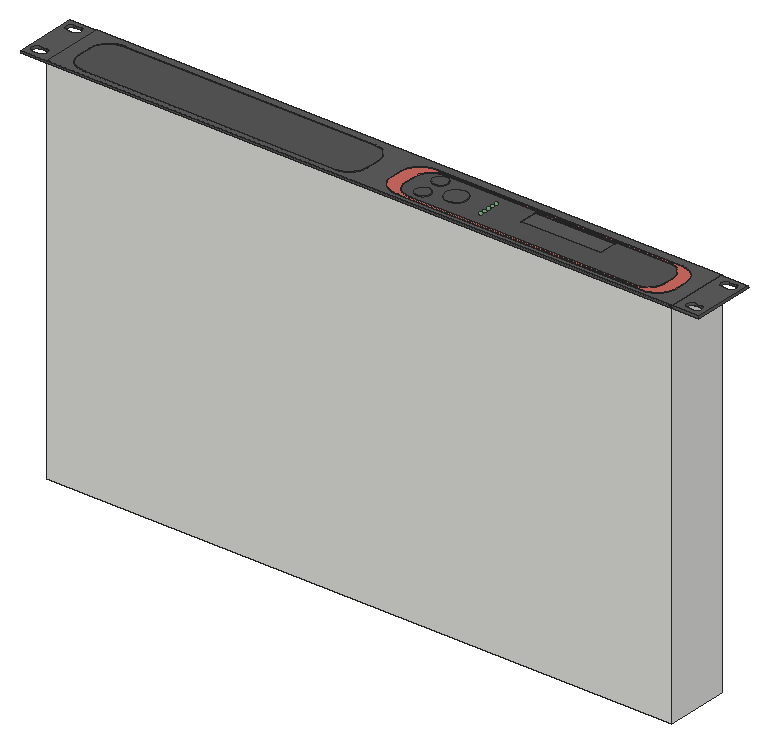
Revit family "Electronics_Fixed-Audio-DSP_Biamp_Tesira_TesiraFORTE_DAN-VT4__", category Communication Devices, host Face, Revit 2020
Family settings
  Host = Face
  Maintain Annotation Orientation = No
  Round Connector Dimension = Use Diameter
  Part Type = Normal
  OmniClass Number = 23.85.10.11.11
  OmniClass Title = Sound and Signal Devices
  Cut with Voids When Loaded = No
  Shared = No
  Room Calculation Point = No
Parameters (values of type "DAN VT4")
  Width = 19.00"  # constant formula
  Weight = 8.00 lbf  # constant formula
  Voltage = 120 V
  URL = "https://www.biamp.com/"
  Type 2 = no
  Temperature Range = "32 - 104° F (0 - 40° C)"  # constant formula
  THD+N = "0dB gain, +4dBu input: < 0.006%; 54dB gain, -50dBu input: < 0.040%"  # constant formula
  Sampling Rate = "48kHz\r"  # constant formula
  Sample Rate = "USB 48kHz"  # constant formula
  Product data url = "https://www.bimobject.com/biamp/product/tesiraforte-dan-vt4_fixed-audio-dsp"
  Product Page URL = "https://www.biamp.com/products/tesira-fixed-audio-dsp#tesiraforte-dan-vt4"
  Product Documentation Link = "https://downloads.biamp.com/assets/docs/default-source/data-sheets/biamp_data_sheet_tesiraforte_dan_vt4_oct20.pdf"
  Power Factor = 1
  Phantom Power = "+48VDC (7mA/input)\r"  # constant formula
  Output Impedance = "207 ohm"  # constant formula
  Number of Poles = 1
  Number of Channels = "up to 8"  # constant formula
  Maximum Output = "+24dBu, +18dBu, +12dBu, +6dBu, 0dBu, -31dBu"  # constant formula
  Maximum Input = "+24dBu"  # constant formula
  Max Power Consumption = 35 W
  Input Impedance = "8 kohm"  # constant formula
  Input Gain Range = "0-66dB"  # constant formula
  Humidity = "0-98% relative humidity (non-condensing)"  # constant formula
  Housing Material = Biamp - Metal - Silver
  Height = 1.75"  # constant formula
  Frequency Response = "20Hz to 20kHz, +4dBu output: +0.25 dB/-0.5 dB"  # constant formula
  EIN = "no weighting, 22Hz to 22kHz: < -125dBu"  # constant formula
  Dynamic Range = "22Hz to 22kHz, 0dB gain: > 108dB\r"  # constant formula
  Depth = 10.50"  # constant formula
  DAN/AVB = yes
  VoIP+Telephone Line = yes
  Type1 = yes
  Model = "TesiraFORTÉ DAN VT4"  # constant formula
  Manufacturer = "Biamp"  # constant formula
  Description = "TesiraFORTÉ® DAN VT4 Fixed I/O DSP"  # constant formula
  Default Elevation = 48.00"
  Cross Talk = "0dB gain, +4dBu input: < -85dB; 54dB gain, -50dBu input: < -75dB"  # constant formula
  Connector Description = "100-240VAC 50/60Hz"
  Compliance = "FCC Part 15B (USA), CE marked (Europe), UL und C-UL listed (USA and Canada), RCM (Australia), RoHS Directive (Europe)"  # constant formula
  Bit Depth = "16- or 24-bit"  # constant formula
  Assembly Code = ""
  Apparent Load = Max Power Consumption / Power Factor  # 35 VA
  Altitude = "0-6,600 ft (0-2000m) MSL"  # constant formula
  A/D - D/A Converters = "24-bit"  # constant formula
Reference planes (in)
  plane 1 "Center (Front/Back)": y = 0
  plane 2: z = 0
  plane 3 "Center (Left/Right)": x = 0
  plane 4: x = 18.35304
  plane 5: y = 0.60831
  plane 6: y = -0.59466
  plane 7: y = -0.86817
  plane 8: y = 0.88183
  plane 9: x = 18.67652
  plane 10: x = -0.32348
Forms (in)
  Extrusion 1, solid, material "Biamp - Plastic - Red", detail levels medium+fine
    sketch origin (9.17652, -0.86817, -5.18699) x (1, 0, 0) y (0, 1, 0)
      loop
        arc (0.91084, 1.51843) -> (0.52967, 1.36054) -> (0.37178, 0.97937) r 0.53906
        line (0.37178, 0.97937) -> (0.37178, 0.67022)
        arc (0.37178, 0.67022) -> (0.52998, 0.28829) -> (0.91192, 0.13009) r 0.54014
        line (0.91192, 0.13009) -> (7.81996, 0.13009)
        arc (7.81996, 0.13009) -> (8.20114, 0.28798) -> (8.35902, 0.66915) r 0.53906
        line (8.35902, 0.66915) -> (8.35902, 0.97937)
        arc (8.35902, 0.97937) -> (8.20114, 1.36054) -> (7.81996, 1.51843) r 0.53906
        line (7.81996, 1.51843) -> (0.91084, 1.51843)
      loop
        line (1.22622, 0.20126) -> (7.54738, 0.20126)
        arc (7.54738, 0.20126) -> (7.87547, 0.33716) -> (8.01138, 0.66526) r 0.464
        line (8.01138, 0.66526) -> (8.01138, 0.95126)
        arc (8.01138, 0.95126) -> (7.86493, 1.30482) -> (7.51138, 1.45126) r 0.5
        line (7.51138, 1.45126) -> (1.22622, 1.45126)
        arc (1.22622, 1.45126) -> (0.89753, 1.31511) -> (0.76138, 0.98642) r 0.46484
        line (0.76138, 0.98642) -> (0.76138, 0.66611)
        arc (0.76138, 0.66611) -> (0.89753, 0.33741) -> (1.22622, 0.20126) r 0.46484
    from 5.24135 to 5.25
  Extrusion 2, solid, material "Biamp - Metal - Black"
    sketch origin (9.17652, -0.86817, -5.18699) x (1, 0, 0) y (0, 1, 0)
      loop
        line (-9.5, 1.75) -> (-9.5, 0) -> (9.5, 0) -> (9.5, 1.75) -> (-9.5, 1.75)
    from 5.18699 to 5.24135
  Extrusion 3, void, detail levels medium+fine
    sketch origin (9.17652, -0.86817, -5.18699) x (1, 0, 0) y (0, 1, 0)
      loop
        arc (9.0994, 1.61097) -> (8.96492, 1.47649) -> (9.0994, 1.342) r 0.13448
        line (9.0994, 1.342) -> (9.25364, 1.342)
        arc (9.25364, 1.342) -> (9.38812, 1.47649) -> (9.25364, 1.61097) r 0.13448
        line (9.25364, 1.61097) -> (9.0994, 1.61097)
      loop
        arc (9.0994, 0.408) -> (8.96492, 0.27351) -> (9.0994, 0.13903) r 0.13448
        line (9.0994, 0.13903) -> (9.25364, 0.13903)
        arc (9.25364, 0.13903) -> (9.38812, 0.27351) -> (9.25364, 0.408) r 0.13448
        line (9.25364, 0.408) -> (9.0994, 0.408)
      loop
        arc (-9.25364, 1.61097) -> (-9.38812, 1.47649) -> (-9.25364, 1.342) r 0.13448
        line (-9.25364, 1.342) -> (-9.0994, 1.342)
        arc (-9.0994, 1.342) -> (-8.96492, 1.47649) -> (-9.0994, 1.61097) r 0.13448
        line (-9.0994, 1.61097) -> (-9.25364, 1.61097)
      loop
        arc (-9.25364, 0.408) -> (-9.38812, 0.27351) -> (-9.25364, 0.13903) r 0.13448
        line (-9.25364, 0.13903) -> (-9.0994, 0.13903)
        arc (-9.0994, 0.13903) -> (-8.96492, 0.27351) -> (-9.0994, 0.408) r 0.13448
        line (-9.0994, 0.408) -> (-9.25364, 0.408)
    from 5.18699 to 5.24135
  Extrusion 4, solid, material "Biamp - Glass - Gray", detail levels medium+fine
    sketch origin (9.17652, -0.86817, -5.18699) x (1, 0, 0) y (0, 1, 0)
      loop
        line (3.83453, 0.85955) -> (6.08453, 0.85955) -> (6.08453, 1.3833) -> (3.83453, 1.3833) -> (3.83453, 0.85955)
    from 5.24135 to 5.25
  Extrusion 5, solid, material "Biamp - Plastic - Black", detail levels medium+fine
    sketch origin (9.17652, -0.86817, -5.18699) x (1, 0, 0) y (0, 1, 0)
      loop
        arc (1.22622, 1.45126) -> (0.89753, 1.31511) -> (0.76138, 0.98642) r 0.46484
        line (0.76138, 0.98642) -> (0.76138, 0.66611)
        arc (0.76138, 0.66611) -> (0.89753, 0.33741) -> (1.22622, 0.20126) r 0.46484
        line (1.22622, 0.20126) -> (7.54738, 0.20126)
        arc (7.54738, 0.20126) -> (7.87547, 0.33716) -> (8.01138, 0.66526) r 0.464
        line (8.01138, 0.66526) -> (8.01138, 0.95126)
        arc (8.01138, 0.95126) -> (7.86493, 1.30482) -> (7.51138, 1.45126) r 0.5
        line (7.51138, 1.45126) -> (1.22622, 1.45126)
      loop
        line (3.83453, 0.85955) -> (6.08453, 0.85955) -> (6.08453, 1.3833) -> (3.83453, 1.3833) -> (3.83453, 0.85955)
    from 5.24135 to 5.24805
  Extrusion 6, solid, material "Biamp - Metal - Black", detail levels medium+fine
    sketch origin (9.17652, -0.86817, -5.18699) x (1, 0, 0) y (0, 1, 0)
      loop
        line (-8.75742, 1.75) -> (-8.75742, 0) -> (8.75742, 0) -> (8.75742, 1.75) -> (-8.75742, 1.75)
      loop
        line (8.35902, 0.66915) -> (8.35902, 0.97937)
        arc (8.35902, 0.97937) -> (8.20114, 1.36054) -> (7.81996, 1.51843) r 0.53906
        line (7.81996, 1.51843) -> (0.91084, 1.51843)
        arc (0.91084, 1.51843) -> (0.52967, 1.36054) -> (0.37178, 0.97937) r 0.53906
        line (0.37178, 0.97937) -> (0.37178, 0.67022)
        arc (0.37178, 0.67022) -> (0.52998, 0.28829) -> (0.91192, 0.13009) r 0.54014
        line (0.91192, 0.13009) -> (7.81996, 0.13009)
        arc (7.81996, 0.13009) -> (8.20114, 0.28798) -> (8.35902, 0.66915) r 0.53906
      loop
        line (-0.80003, 1.5425) -> (-7.86956, 1.5425)
        arc (-7.86956, 1.5425) -> (-8.22311, 1.39606) -> (-8.36956, 1.0425) r 0.5
        line (-8.36956, 1.0425) -> (-8.36956, 0.64195)
        arc (-8.36956, 0.64195) -> (-8.22311, 0.2884) -> (-7.86956, 0.14195) r 0.5
        line (-7.86956, 0.14195) -> (-0.80003, 0.14195)
        arc (-0.80003, 0.14195) -> (-0.44647, 0.2884) -> (-0.30003, 0.64195) r 0.5
        line (-0.30003, 0.64195) -> (-0.30003, 1.0425)
        arc (-0.30003, 1.0425) -> (-0.44647, 1.39606) -> (-0.80003, 1.5425) r 0.5
    from 5.24135 to 5.25
  Extrusion 7, solid, material "Biamp - Plastic - Black(Grid)", detail levels medium+fine
    sketch origin (9.17652, -0.86817, -5.18699) x (1, 0, 0) y (0, 1, 0)
      loop
        arc (-7.86956, 1.5425) -> (-8.22311, 1.39606) -> (-8.36956, 1.0425) r 0.5
        line (-8.36956, 1.0425) -> (-8.36956, 0.64195)
        arc (-8.36956, 0.64195) -> (-8.22311, 0.2884) -> (-7.86956, 0.14195) r 0.5
        line (-7.86956, 0.14195) -> (-0.80003, 0.14195)
        arc (-0.80003, 0.14195) -> (-0.44647, 0.2884) -> (-0.30003, 0.64195) r 0.5
        line (-0.30003, 0.64195) -> (-0.30003, 1.0425)
        arc (-0.30003, 1.0425) -> (-0.44647, 1.39606) -> (-0.80003, 1.5425) r 0.5
        line (-0.80003, 1.5425) -> (-7.86956, 1.5425)
    from 5.24135 to 5.25
  Extrusion 8, solid, material "Biamp - Metal - Silver" <- "Housing Material"
    sketch origin (9.17652, -0.86817, -5.18699) x (1, 0, 0) y (0, 0, -1)
      loop
        line (-8.75742, 5.25) -> (-8.75742, -5.18699) -> (8.75742, -5.18699) -> (8.75742, 5.25) -> (-8.75742, 5.25)
    from 0 to 1.75
  Extrusion 9, solid, material "Biamp - Metal - Silver" <- "Housing Material", visible <- "Type1"
    sketch origin (9.17652, -0.86817, -5.18699) x (1, 0, 0) y (0, 1, 0)
      loop
        line (6.99083, 1.52401) -> (6.99083, 0.59433) -> (8.24083, 0.59433) -> (8.24083, 1.52401) -> (6.99083, 1.52401)
      loop
        line (6.26249, 0.22588) -> (6.26249, 0.78659) -> (5.55775, 0.78659) -> (5.55775, 0.22588) -> (6.26249, 0.22588)
      loop
        line (3.15045, 0.26348) -> (3.23229, 0.72758) -> (2.37912, 0.72758) -> (2.46096, 0.26348) -> (3.15045, 0.26348)
      loop
        line (1.96267, 0.22749) -> (1.96267, 0.70184) -> (1.42474, 0.70184) -> (1.42474, 0.22749) -> (1.96267, 0.22749)
      loop
        line (0.16865, 0.53988) -> (-0.7835, 0.53988) -> (-0.7835, 0.22373) -> (0.16865, 0.22373) -> (0.16865, 0.53988)
      loop
        line (-4.9886, 1.33802) -> (-5.65288, 1.33802) -> (-5.65288, 0.88089) -> (-4.9886, 0.88089) -> (-4.9886, 1.33802)
      loop
        line (-5.96289, 1.33802) -> (-6.62717, 1.33802) -> (-6.62717, 0.88089) -> (-5.96289, 0.88089) -> (-5.96289, 1.33802)
      loop
        line (-6.93718, 1.33802) -> (-7.60145, 1.33802) -> (-7.60145, 0.88089) -> (-6.93718, 0.88089) -> (-6.93718, 1.33802)
      loop
        line (-7.91147, 1.33802) -> (-8.57574, 1.33802) -> (-8.57574, 0.88089) -> (-7.91147, 0.88089) -> (-7.91147, 1.33802)
      loop
        line (-5.65288, 0.68086) -> (-5.65288, 0.22373) -> (-4.9886, 0.22373) -> (-4.9886, 0.68086) -> (-5.65288, 0.68086)
      loop
        line (-5.96289, 0.68086) -> (-6.62717, 0.68086) -> (-6.62717, 0.22373) -> (-5.96289, 0.22373) -> (-5.96289, 0.68086)
      loop
        line (-6.93718, 0.22373) -> (-6.93718, 0.68086) -> (-7.60145, 0.68086) -> (-7.60145, 0.22373) -> (-6.93718, 0.22373)
      loop
        line (-7.91147, 0.22373) -> (-7.91147, 0.68086) -> (-8.57574, 0.68086) -> (-8.57574, 0.22373) -> (-7.91147, 0.22373)
    from -5.26366 to -5.25
  Extrusion 10, solid, material "Biamp - Metal - Silver" <- "Housing Material", visible <- "DAN/AVB"
    sketch origin (9.17652, -0.86817, -5.18699) x (1, 0, 0) y (0, 1, 0)
      loop
        line (5.02811, 0.22588) -> (5.02811, 0.78659) -> (4.32337, 0.78659) -> (4.32337, 0.22588) -> (5.02811, 0.22588)
    from -5.26366 to -5.25
  Extrusion 11, solid, material "Biamp - Metal - Silver" <- "Housing Material", visible <- "VoIP+Telephone Line"
    sketch origin (9.17652, -0.86817, -5.18699) x (1, 0, 0) y (0, 1, 0)
      loop
        line (5.55775, 1.47409) -> (5.55775, 0.91338) -> (6.26249, 0.91338) -> (6.26249, 1.47409) -> (5.55775, 1.47409)
      loop
        line (3.47667, 1.47409) -> (2.97667, 1.47409) -> (2.97667, 0.91338) -> (3.47667, 0.91338) -> (3.47667, 1.47409)
    from -5.26366 to -5.25
  Extrusion 12, solid, material "Biamp - Plastic - Black", detail levels fine
    sketch origin (0, 0, 0) x (1, 0, 0) y (0, 1, 0)
      loop
        circle (10.50753, 0.30721) r 0.2
      loop
        circle (10.50753, -0.30721) r 0.2
      loop
        circle (11.19836, 0) r 0.29
    from 0 to 0.06301
  Revolve 13, solid, material "Biamp - Plastic - Green", detail levels fine
    sketch origin (12.10249, -1.02037, -5.09642) x (0, 1, 0) y (0, 0, 1)
      loop
        arc (1.33717, 5.15748) -> (1.29771, 5.19694) -> (1.25824, 5.15748) r 0.03946
        line (1.25824, 5.15748) -> (1.33717, 5.15748)
      loop
        arc (1.19785, 5.15748) -> (1.15839, 5.19694) -> (1.11892, 5.15748) r 0.03946
        line (1.11892, 5.15748) -> (1.19785, 5.15748)
      loop
        arc (1.05983, 5.15748) -> (1.02037, 5.19694) -> (0.9809, 5.15748) r 0.03946
        line (0.9809, 5.15748) -> (1.05983, 5.15748)
      loop
        arc (0.92095, 5.15748) -> (0.88149, 5.19694) -> (0.84202, 5.15748) r 0.03946
        line (0.84202, 5.15748) -> (0.92095, 5.15748)
      loop
        arc (0.78497, 5.15748) -> (0.7455, 5.19694) -> (0.70604, 5.15748) r 0.03946
        line (0.70604, 5.15748) -> (0.78497, 5.15748)
      axis (1.33717, 5.15748) -> (0.70604, 5.15748)
    angle from 270 to 450
Cuts and joins
  Extrusion 3 cuts Extrusion 2
Lines and regions (in)
  Masking region 1
    outline origin (0, 0, 0) x (1, 0, 0) y (0, 0, 1)
      loop
        line (-0.32348, 0) -> (0.4191, 0) -> (0.4191, -10.43699) -> (17.93394, -10.43699) -> (17.93394, 0) -> (18.67652, 0) -> (18.67652, 0.06301) -> (-0.32348, 0.06301) -> (-0.32348, 0)
  symbolic lines
    curve 1: line (-0.32348, 0, 0) -> (18.67652, 0, 0)
Dimensions and locks (in)
  aligned and locked: plane 2 to host face
  aligned and locked: level to host face
Connectors (in)
  electrical at (16.79235, 0.191, -10.45064), driven by "Number of Poles", driven by "Voltage", driven by "Apparent Load", driven by "Power Factor", driven by "Connector Description"
    settings: on Extrusion 9, index 1, voltage 120 V, apparent load 0 VA, apparent load phase1 35 VA, apparent load phase2 0 VA, apparent load phase3 0 VA, power factor 1, load classification "Other", number of poles 1, system type 31, power factor state 1, is connector primary yes, connector utility no, sub classification motor no, connector description "100-240VAC 50/60Hz"
  electrical at (15.08664, -0.36194, -10.45064)
    settings: on Extrusion 9, index 2, voltage 0 V, apparent load 0 VA, apparent load phase1 0 VA, apparent load phase2 0 VA, apparent load phase3 0 VA, power factor 1, load classification "Other", number of poles 1, system type 5, power factor state 1, is connector primary no, connector utility no, sub classification motor no, connector description "RJ-45; Network control connector"
  electrical at (13.85226, -0.36194, -10.45064)
    settings: on Extrusion 10, index 3, voltage 0 V, apparent load 0 VA, apparent load phase1 0 VA, apparent load phase2 0 VA, apparent load phase3 0 VA, power factor 1, load classification "Other", number of poles 1, system type 5, power factor state 1, is connector primary no, connector utility no, sub classification motor no, connector description "RJ-45; Dante"
  electrical at (11.98222, -0.37264, -10.45064)
    settings: on Extrusion 9, index 4, voltage 0 V, apparent load 0 VA, apparent load phase1 0 VA, apparent load phase2 0 VA, apparent load phase3 0 VA, power factor 1, load classification "Other", number of poles 1, system type 5, power factor state 1, is connector primary no, connector utility no, sub classification motor no, connector description "RS-232; Serial Port"
  electrical at (3.85578, 0.24129, -10.45064)
    settings: on Extrusion 9, index 13, voltage 0 V, apparent load 0 VA, apparent load phase1 0 VA, apparent load phase2 0 VA, apparent load phase3 0 VA, power factor 1, load classification "Other", number of poles 1, system type 5, power factor state 1, is connector primary no, connector utility no, sub classification motor no, connector description "Analog Input"
  electrical at (2.88149, 0.24129, -10.45064)
    settings: on Extrusion 9, index 14, voltage 0 V, apparent load 0 VA, apparent load phase1 0 VA, apparent load phase2 0 VA, apparent load phase3 0 VA, power factor 1, load classification "Other", number of poles 1, system type 5, power factor state 1, is connector primary no, connector utility no, sub classification motor no, connector description "Analog Input"
  electrical at (1.9072, 0.24129, -10.45064)
    settings: on Extrusion 9, index 15, voltage 0 V, apparent load 0 VA, apparent load phase1 0 VA, apparent load phase2 0 VA, apparent load phase3 0 VA, power factor 1, load classification "Other", number of poles 1, system type 5, power factor state 1, is connector primary no, connector utility no, sub classification motor no, connector description "Analog Input"
  electrical at (0.93291, 0.24129, -10.45064)
    settings: on Extrusion 9, index 16, voltage 0 V, apparent load 0 VA, apparent load phase1 0 VA, apparent load phase2 0 VA, apparent load phase3 0 VA, power factor 1, load classification "Other", number of poles 1, system type 5, power factor state 1, is connector primary no, connector utility no, sub classification motor no, connector description "Analog Input"
  electrical at (0.93291, -0.41588, -10.45064)
    settings: on Extrusion 9, index 17, voltage 0 V, apparent load 0 VA, apparent load phase1 0 VA, apparent load phase2 0 VA, apparent load phase3 0 VA, power factor 1, load classification "Other", number of poles 1, system type 5, power factor state 1, is connector primary no, connector utility no, sub classification motor no, connector description "Analog Output"
  electrical at (1.9072, -0.41588, -10.45064)
    settings: on Extrusion 9, index 18, voltage 0 V, apparent load 0 VA, apparent load phase1 0 VA, apparent load phase2 0 VA, apparent load phase3 0 VA, power factor 1, load classification "Other", number of poles 1, system type 5, power factor state 1, is connector primary no, connector utility no, sub classification motor no, connector description "Analog Output"
  electrical at (2.88149, -0.41588, -10.45064)
    settings: on Extrusion 9, index 19, voltage 0 V, apparent load 0 VA, apparent load phase1 0 VA, apparent load phase2 0 VA, apparent load phase3 0 VA, power factor 1, load classification "Other", number of poles 1, system type 5, power factor state 1, is connector primary no, connector utility no, sub classification motor no, connector description "Analog Output"
  electrical at (3.85578, -0.41588, -10.45064)
    settings: on Extrusion 9, index 20, voltage 0 V, apparent load 0 VA, apparent load phase1 0 VA, apparent load phase2 0 VA, apparent load phase3 0 VA, power factor 1, load classification "Other", number of poles 1, system type 5, power factor state 1, is connector primary no, connector utility no, sub classification motor no, connector description "Analog Output"
  electrical at (8.8691, -0.48637, -10.45064)
    settings: on Extrusion 9, index 25, voltage 0 V, apparent load 0 VA, apparent load phase1 0 VA, apparent load phase2 0 VA, apparent load phase3 0 VA, power factor 1, load classification "Other", number of poles 1, system type 5, power factor state 1, is connector primary no, connector utility no, sub classification motor no, connector description "GPIO; Logic I/O"
  electrical at (10.87022, -0.4035, -10.45064)
    settings: on Extrusion 9, index 26, voltage 0 V, apparent load 0 VA, apparent load phase1 0 VA, apparent load phase2 0 VA, apparent load phase3 0 VA, power factor 1, load classification "Other", number of poles 1, system type 5, power factor state 1, is connector primary no, connector utility no, sub classification motor no, connector description "USB"
  electrical at (15.08664, 0.32556, -10.45064)
    settings: on Extrusion 11, index 27, voltage 0 V, apparent load 0 VA, apparent load phase1 0 VA, apparent load phase2 0 VA, apparent load phase3 0 VA, power factor 1, load classification "Other", number of poles 1, system type 5, power factor state 1, is connector primary no, connector utility no, sub classification motor no, connector description "RJ-45; VoIP"
  electrical at (12.40319, 0.32556, -10.45064)
    settings: on Extrusion 11, index 28, voltage 0 V, apparent load 0 VA, apparent load phase1 0 VA, apparent load phase2 0 VA, apparent load phase3 0 VA, power factor 1, load classification "Other", number of poles 1, system type 5, power factor state 1, is connector primary no, connector utility no, sub classification motor no, connector description "RJ-11; Telephone line"
